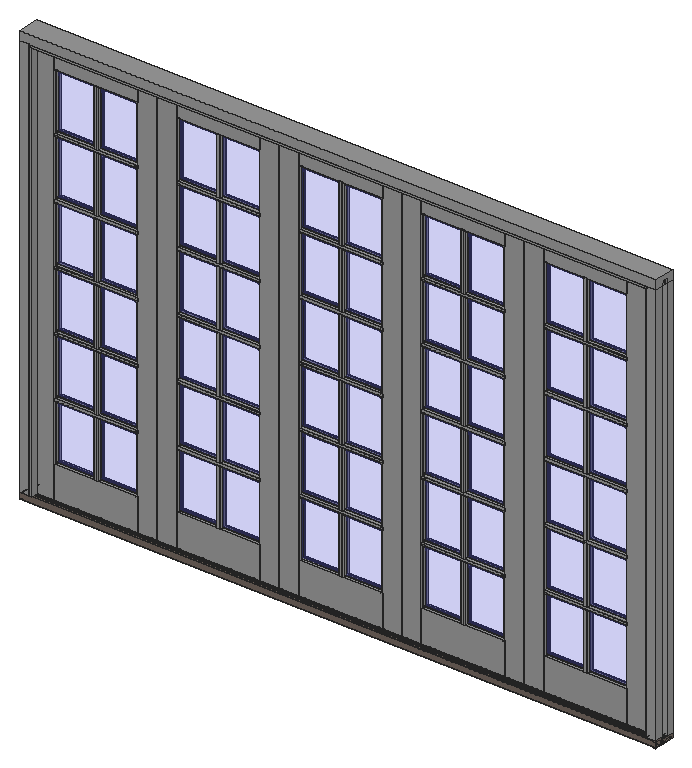
Revit family "VSFA 3180 SP RH", category Doors, host Wall, Revit 2015
Parameters (values of type "VSFA 3180 SP RH")
  Function = Interior
  Frame Projection Ext. = 25 mm
  Frame Projection Int. = 25 mm
  Frame Width = 75 mm
  Height = 2100 mm
  Wall Closure = By host
  Width = 3180 mm
Reference planes
  plane 1: y = 0
  plane 2 "Center (Left/Right)": x = 0
  plane 3 "Left": x = -1590
  plane 4 "Right": x = 1590
  plane 5: z = 2100
  plane 6 "Exterior": y = 75
  plane 7 "Interior": y = -75
  plane 8: x = -1545
  plane 9: x = 1515
  plane 10: x = 1513
  plane 11: x = 903
  plane 12: x = 901
  plane 13: x = 291
  plane 14: x = 289
  plane 15: x = -321
  plane 16: x = -323
  plane 17: x = -933
  plane 18: x = -935
Forms (mm)
  Extrusion 1, solid, material "Aluminium Cill (Bronze)"
    sketch origin (0, 79.18, -119.746) x (0, 1, 0) y (0, 0, -1)
      loop
        arc (-26.68, -120.746) -> (-26.972, -120.039) -> (-27.68, -119.746) r 1
        line (-27.68, -119.746) -> (-130.68, -119.746)
        arc (-130.68, -119.746) -> (-131.387, -120.039) -> (-131.68, -120.746) r 1
        line (-131.68, -120.746) -> (-131.68, -150.746)
        arc (-131.68, -150.746) -> (-131.387, -151.453) -> (-130.68, -151.746) r 1
        line (-130.68, -151.746) -> (-120.912, -151.746)
        arc (-120.912, -151.746) -> (-119.18, -150.746) -> (-117.447, -151.746) r 2
        line (-117.447, -151.746) -> (-112.912, -151.746)
        arc (-112.912, -151.746) -> (-111.18, -150.746) -> (-109.447, -151.746) r 2
        line (-109.447, -151.746) -> (-99.68, -151.746)
        arc (-99.68, -151.746) -> (-98.972, -151.453) -> (-98.68, -150.746) r 1
        line (-98.68, -150.746) -> (-98.68, -149.246)
        arc (-98.68, -149.246) -> (-99.18, -148.746) -> (-99.68, -149.246) r 0.5
        line (-99.68, -149.246) -> (-99.68, -150.246) -> (-100.88, -150.246) -> (-100.88, -142.734) -> (-99.68, -142.734) -> (-99.68, -143.746)
        arc (-99.68, -143.746) -> (-99.18, -144.246) -> (-98.68, -143.746) r 0.5
        line (-98.68, -143.746) -> (-98.68, -138.746) -> (-90.432, -138.746) -> (-82.18, -138.746) -> (-82.18, -135.246)
        arc (-82.18, -135.246) -> (-81.74, -134.185) -> (-80.68, -133.746) r 1.5
        line (-80.68, -133.746) -> (-75.93, -133.746) -> (-75.93, -135.746) -> (-77.363, -135.746)
        arc (-77.363, -135.746) -> (-74.68, -138.746) -> (-71.996, -135.746) r 2.7
        line (-71.996, -135.746) -> (-73.43, -135.746) -> (-73.43, -133.746) -> (-68.68, -133.746)
        arc (-68.68, -133.746) -> (-67.619, -134.185) -> (-67.18, -135.246) r 1.5
        line (-67.18, -135.246) -> (-67.18, -138.746) -> (-60.412, -138.746)
        arc (-60.412, -138.746) -> (-58.68, -137.746) -> (-56.947, -138.746) r 2
        line (-56.947, -138.746) -> (-52.412, -138.746)
        arc (-52.412, -138.746) -> (-50.68, -137.746) -> (-48.947, -138.746) r 2
        line (-48.947, -138.746) -> (-44.412, -138.746)
        arc (-44.412, -138.746) -> (-42.68, -137.746) -> (-40.947, -138.746) r 2
        line (-40.947, -138.746) -> (-29.68, -138.746)
        arc (-29.68, -138.746) -> (-27.558, -137.867) -> (-26.68, -135.746) r 3
        line (-26.68, -135.746) -> (-26.68, -120.746)
      loop
        arc (-29.68, -137.246) -> (-28.619, -136.807) -> (-28.18, -135.746) r 1.5
        line (-28.18, -135.746) -> (-28.18, -121.246) -> (-73.93, -121.246) -> (-73.93, -132.246) -> (-68.68, -132.246)
        arc (-68.68, -132.246) -> (-66.558, -133.125) -> (-65.68, -135.246) r 3
        line (-65.68, -135.246) -> (-65.68, -137.246) -> (-61.129, -137.246)
        arc (-61.129, -137.246) -> (-58.68, -136.246) -> (-56.23, -137.246) r 3.5
        line (-56.23, -137.246) -> (-53.129, -137.246)
        arc (-53.129, -137.246) -> (-50.68, -136.246) -> (-48.23, -137.246) r 3.5
        line (-48.23, -137.246) -> (-45.129, -137.246)
        arc (-45.129, -137.246) -> (-42.68, -136.246) -> (-40.23, -137.246) r 3.5
        line (-40.23, -137.246) -> (-29.68, -137.246)
      loop
        line (-75.43, -132.246) -> (-75.43, -121.246) -> (-98.68, -121.246) -> (-98.68, -137.246) -> (-83.68, -137.246) -> (-83.68, -135.246)
        arc (-83.68, -135.246) -> (-82.801, -133.125) -> (-80.68, -132.246) r 3
        line (-80.68, -132.246) -> (-75.43, -132.246)
      loop
        line (-100.18, -121.246) -> (-130.18, -121.246) -> (-130.18, -150.246) -> (-121.629, -150.246)
        arc (-121.629, -150.246) -> (-119.18, -149.246) -> (-116.73, -150.246) r 3.5
        line (-116.73, -150.246) -> (-113.629, -150.246)
        arc (-113.629, -150.246) -> (-111.18, -149.246) -> (-108.73, -150.246) r 3.5
        line (-108.73, -150.246) -> (-102.38, -150.246) -> (-102.38, -141.246) -> (-100.18, -141.246) -> (-100.18, -121.246)
    from -1590 to 1590
  Extrusion 2, solid, material "Lauan, Meranti"
    sketch origin (-122.148, 0, 0) x (0, 1, 0) y (0, 0, 1)
      loop
        line (52.5, 2100) -> (-52.5, 2100) -> (-52.5, 2055) -> (-6.5, 2055) -> (-6.5, 2075) -> (15.5, 2075) -> (15.5, 2055) -> (52.5, 2055) -> (52.5, 2100)
    from -1467.852 to 1712.148
  Extrusion 3, solid, material "Lauan, Meranti"
    sketch origin (2.986, 0, 0) x (0, 1, 0) y (0, 0, 1)
      loop
        line (-52.5, 2052) -> (-52.5, 2042) -> (-20.5, 2042) -> (-20.5, 2045.5) -> (-27.5, 2045.5) -> (-27.5, 2048.5) -> (-20.5, 2048.5) -> (-20.5, 2055) -> (-49.5, 2055) -> (-49.5, 2052) -> (-52.5, 2052)
    from -1547.986 to 1542.014
  Extrusion 4, solid, material "Lauan, Meranti"
    sketch origin (615, 0, 0) x (1, 0, 0) y (0, 1, 0)
      loop
        line (975, -52.5) -> (975, -16.5) -> (930, -16.5) -> (930, -52.5) -> (975, -52.5)
      loop
        line (975, 52.5) -> (930, 52.5) -> (930, 25.5) -> (975, 25.5) -> (975, 52.5)
      loop
        line (900, 24.5) -> (900, -15.5) -> (945, -15.5) -> (945, -5.5) -> (920, -5.5) -> (920, 14.5) -> (945, 14.5) -> (945, 24.5) -> (900, 24.5)
    from 32 to 2055
  Extrusion 5, solid, material "Lauan, Meranti"
    sketch origin (-615, 0, 0) x (1, 0, 0) y (0, 1, 0)
      loop
        line (-975, 52.5) -> (-975, -52.5) -> (-930, -52.5) -> (-930, 24.5) -> (-942, 24.5) -> (-942, 52.5) -> (-975, 52.5)
    from 32 to 2055
  Extrusion 6, solid, material "Lauan, Meranti"
    sketch origin (-615, 0, 0) x (1, 0, 0) y (0, 1, 0)
      loop
        line (-927, -52.5) -> (-917, -52.5) -> (-917, -20.5) -> (-920.5, -20.5) -> (-920.5, -27.5) -> (-923.5, -27.5) -> (-923.5, -20.5) -> (-930, -20.5) -> (-930, -49.5) -> (-927, -49.5) -> (-927, -52.5)
    from 32 to 2042
  Extrusion 7, solid, material "Steel, Chrome Plated"
    sketch origin (129.456, -1.5, 0) x (0, 1, 0) y (0, 0, -1)
      loop
        line (16.5, -2075) -> (16.5, -2055) -> (14.3, -2055) -> (14.3, -2072.8) -> (-2.3, -2072.8) -> (-2.3, -2055) -> (-4.5, -2055) -> (-4.5, -2075) -> (16.5, -2075)
    from -1460.544 to 1719.456
  Extrusion 8, solid, material "Lauan, Meranti"
    sketch origin (-615, 0, 0) x (1, 0, 0) y (0, 1, 0)
      loop
        line (-975, 52.5) -> (-975, -19.5) -> (-930, -19.5) -> (-930, 24.5) -> (-942, 24.5) -> (-942, 52.5) -> (-975, 52.5)
    from 19 to 32
  Extrusion 9, solid, material "Lauan, Meranti"
    sketch origin (615, 0, 0) x (1, 0, 0) y (0, 1, 0)
      loop
        line (930, 52.5) -> (930, 25.5) -> (975, 25.5) -> (975, 52.5) -> (930, 52.5)
      loop
        line (945, 24.5) -> (900, 24.5) -> (900, -15.5) -> (945, -15.5) -> (945, -5.5) -> (920, -5.5) -> (920, 14.5) -> (945, 14.5) -> (945, 24.5)
    from 19 to 32
  Extrusion 10, solid, material "Lauan, Meranti"
    sketch origin (1833, 0, 0) x (1, 0, 0) y (0, 1, 0)
      loop
        line (-930, -15.5) -> (-834, -15.5) -> (-834, -13.5)
        arc (-834, -13.5) -> (-829.265, -11.94) -> (-827, -7.5) r 6.549
        line (-827, -7.5) -> (-825, -7.5) -> (-825, -5.5) -> (-834, -5.5) -> (-834, 24.5) -> (-930, 24.5) -> (-930, -15.5)
      loop
        line (-320, -15.5) -> (-320, 24.5) -> (-416, 24.5) -> (-416, -5.5) -> (-425, -5.5) -> (-425, -7.5) -> (-423, -7.5)
        arc (-423, -7.5) -> (-420.735, -11.94) -> (-416, -13.5) r 6.549
        line (-416, -13.5) -> (-416, -15.5) -> (-320, -15.5)
    from 19 to 2055
  Extrusion 11, solid, material "Lauan, Meranti"
    sketch origin (1221, 0, 0) x (1, 0, 0) y (0, 1, 0)
      loop
        line (-930, -15.5) -> (-834, -15.5) -> (-834, -13.5)
        arc (-834, -13.5) -> (-829.265, -11.94) -> (-827, -7.5) r 6.549
        line (-827, -7.5) -> (-825, -7.5) -> (-825, -5.5) -> (-834, -5.5) -> (-834, 24.5) -> (-930, 24.5) -> (-930, -15.5)
      loop
        line (-320, -15.5) -> (-320, 24.5) -> (-416, 24.5) -> (-416, -5.5) -> (-425, -5.5) -> (-425, -7.5) -> (-423, -7.5)
        arc (-423, -7.5) -> (-420.735, -11.94) -> (-416, -13.5) r 6.549
        line (-416, -13.5) -> (-416, -15.5) -> (-320, -15.5)
    from 19 to 2055
  Extrusion 12, solid, material "Lauan, Meranti"
    sketch origin (609, 0, 0) x (1, 0, 0) y (0, 1, 0)
      loop
        line (-930, -15.5) -> (-834, -15.5) -> (-834, -13.5)
        arc (-834, -13.5) -> (-829.265, -11.94) -> (-827, -7.5) r 6.549
        line (-827, -7.5) -> (-825, -7.5) -> (-825, -5.5) -> (-834, -5.5) -> (-834, 24.5) -> (-930, 24.5) -> (-930, -15.5)
      loop
        line (-320, -15.5) -> (-320, 24.5) -> (-416, 24.5) -> (-416, -5.5) -> (-425, -5.5) -> (-425, -7.5) -> (-423, -7.5)
        arc (-423, -7.5) -> (-420.735, -11.94) -> (-416, -13.5) r 6.549
        line (-416, -13.5) -> (-416, -15.5) -> (-320, -15.5)
    from 19 to 2055
  Extrusion 13, solid, material "Lauan, Meranti"
    sketch origin (-3, 0, 0) x (1, 0, 0) y (0, 1, 0)
      loop
        line (-930, -15.5) -> (-834, -15.5) -> (-834, -13.5)
        arc (-834, -13.5) -> (-829.265, -11.94) -> (-827, -7.5) r 6.549
        line (-827, -7.5) -> (-825, -7.5) -> (-825, -5.5) -> (-834, -5.5) -> (-834, 24.5) -> (-930, 24.5) -> (-930, -15.5)
      loop
        line (-320, -15.5) -> (-320, 24.5) -> (-416, 24.5) -> (-416, -5.5) -> (-425, -5.5) -> (-425, -7.5) -> (-423, -7.5)
        arc (-423, -7.5) -> (-420.735, -11.94) -> (-416, -13.5) r 6.549
        line (-416, -13.5) -> (-416, -15.5) -> (-320, -15.5)
    from 19 to 2055
  Extrusion 14, solid, material "Lauan, Meranti"
    sketch origin (-615, 0, 0) x (1, 0, 0) y (0, 1, 0)
      loop
        line (-930, -15.5) -> (-834, -15.5) -> (-834, -13.5)
        arc (-834, -13.5) -> (-829.265, -11.94) -> (-827, -7.5) r 6.549
        line (-827, -7.5) -> (-825, -7.5) -> (-825, -5.5) -> (-834, -5.5) -> (-834, 24.5) -> (-930, 24.5) -> (-930, -15.5)
      loop
        line (-320, -15.5) -> (-320, 24.5) -> (-416, 24.5) -> (-416, -5.5) -> (-425, -5.5) -> (-425, -7.5) -> (-423, -7.5)
        arc (-423, -7.5) -> (-420.735, -11.94) -> (-416, -13.5) r 6.549
        line (-416, -13.5) -> (-416, -15.5) -> (-320, -15.5)
    from 19 to 2055
  Extrusion 15, solid, material "Lauan, Meranti"
    sketch origin (-1279.765, 0, 0) x (0, 1, 0) y (0, 0, 1)
      loop
        line (-15.5, 190) -> (-15.5, 19) -> (24.5, 19) -> (24.5, 190) -> (-5.5, 190) -> (-5.5, 199) -> (-7.5, 199) -> (-7.5, 197)
        arc (-7.5, 197) -> (-11.866, 194.67) -> (-13.5, 190) r 6.807
        line (-13.5, 190) -> (-15.5, 190)
      loop
        line (-7.5, 1952) -> (-7.5, 1950) -> (-5.5, 1950) -> (-5.5, 1959) -> (24.5, 1959) -> (24.5, 2055) -> (-15.5, 2055) -> (-15.5, 1959) -> (-13.5, 1959)
        arc (-13.5, 1959) -> (-11.866, 1954.33) -> (-7.5, 1952) r 6.807
      loop
        line (-15.5, 1675) -> (-15.5, 1662) -> (-13.5, 1662)
        arc (-13.5, 1662) -> (-11.866, 1657.33) -> (-7.5, 1655) r 6.807
        line (-7.5, 1655) -> (-7.5, 1653) -> (-5.5, 1653) -> (-5.5, 1662) -> (24.5, 1662) -> (24.5, 1675) -> (-5.5, 1675) -> (-5.5, 1684) -> (-7.5, 1684) -> (-7.5, 1682)
        arc (-7.5, 1682) -> (-11.866, 1679.67) -> (-13.5, 1675) r 6.807
        line (-13.5, 1675) -> (-15.5, 1675)
      loop
        line (-15.5, 1378) -> (-15.5, 1365) -> (-13.5, 1365)
        arc (-13.5, 1365) -> (-11.866, 1360.33) -> (-7.5, 1358) r 6.807
        line (-7.5, 1358) -> (-7.5, 1356) -> (-5.5, 1356) -> (-5.5, 1365) -> (24.5, 1365) -> (24.5, 1378) -> (-5.5, 1378) -> (-5.5, 1387) -> (-7.5, 1387) -> (-7.5, 1385)
        arc (-7.5, 1385) -> (-11.866, 1382.67) -> (-13.5, 1378) r 6.807
        line (-13.5, 1378) -> (-15.5, 1378)
      loop
        line (-15.5, 1081) -> (-15.5, 1068) -> (-13.5, 1068)
        arc (-13.5, 1068) -> (-11.866, 1063.33) -> (-7.5, 1061) r 6.807
        line (-7.5, 1061) -> (-7.5, 1059) -> (-5.5, 1059) -> (-5.5, 1068) -> (24.5, 1068) -> (24.5, 1081) -> (-5.5, 1081) -> (-5.5, 1090) -> (-7.5, 1090) -> (-7.5, 1088)
        arc (-7.5, 1088) -> (-11.866, 1085.67) -> (-13.5, 1081) r 6.807
        line (-13.5, 1081) -> (-15.5, 1081)
      loop
        line (-15.5, 784) -> (-15.5, 771) -> (-13.5, 771)
        arc (-13.5, 771) -> (-11.866, 766.33) -> (-7.5, 764) r 6.807
        line (-7.5, 764) -> (-7.5, 762) -> (-5.5, 762) -> (-5.5, 771) -> (24.5, 771) -> (24.5, 784) -> (-5.5, 784) -> (-5.5, 793) -> (-7.5, 793) -> (-7.5, 791)
        arc (-7.5, 791) -> (-11.866, 788.67) -> (-13.5, 784) r 6.807
        line (-13.5, 784) -> (-15.5, 784)
      loop
        line (-15.5, 487) -> (-15.5, 474) -> (-13.5, 474)
        arc (-13.5, 474) -> (-11.866, 469.33) -> (-7.5, 467) r 6.807
        line (-7.5, 467) -> (-7.5, 465) -> (-5.5, 465) -> (-5.5, 474) -> (24.5, 474) -> (24.5, 487) -> (-5.5, 487) -> (-5.5, 496) -> (-7.5, 496) -> (-7.5, 494)
        arc (-7.5, 494) -> (-11.866, 491.67) -> (-13.5, 487) r 6.807
        line (-13.5, 487) -> (-15.5, 487)
    from -169.235 to 248.765
  Sweep 16, solid, material "Lauan, Meranti"
    path origin (-1572.124, -75, -1252.272) x (1, 0, 0) y (0, 0, 1)
      loop
        line (338.624, 1726.272) -> (338.624, 1442.272) -> (541.124, 1442.272) -> (541.124, 1726.272) -> (338.624, 1726.272)
    profile origin (-1132.25, -75, 474) x (0, 0, 1) y (0, -1, 0)
      loop
        line (-9, -78) -> (-9, -80) -> (-7, -80)
        arc (-7, -80) -> (-4.67, -84.366) -> (0, -86) r 6.807
        line (0, -86) -> (0, -78) -> (-9, -78)
  Extrusion 17, solid, material "Glass"
    sketch origin (-1303.192, -110.55, -763.769) x (1, 0, 0) y (0, 0, 1)
      loop
        line (272.18, 953.779) -> (272.18, 1237.769) -> (69.692, 1237.769) -> (69.692, 953.779) -> (272.18, 953.779)
      loop
        line (56.692, 1237.769) -> (-145.808, 1237.769) -> (-145.808, 953.769) -> (56.692, 953.769) -> (56.692, 1237.769)
      loop
        line (272.18, 1250.779) -> (272.18, 1534.769) -> (69.692, 1534.769) -> (69.692, 1250.779) -> (272.18, 1250.779)
      loop
        line (56.692, 1534.769) -> (-145.808, 1534.769) -> (-145.808, 1250.769) -> (56.692, 1250.769) -> (56.692, 1534.769)
      loop
        line (272.18, 1547.779) -> (272.18, 1831.769) -> (69.692, 1831.769) -> (69.692, 1547.779) -> (272.18, 1547.779)
      loop
        line (56.692, 1831.769) -> (-145.808, 1831.769) -> (-145.808, 1547.769) -> (56.692, 1547.769) -> (56.692, 1831.769)
      loop
        line (272.18, 1844.779) -> (272.18, 2128.769) -> (69.692, 2128.769) -> (69.692, 1844.779) -> (272.18, 1844.779)
      loop
        line (56.692, 2128.769) -> (-145.808, 2128.769) -> (-145.808, 1844.769) -> (56.692, 1844.769) -> (56.692, 2128.769)
      loop
        line (272.18, 2141.779) -> (272.18, 2425.769) -> (69.692, 2425.769) -> (69.692, 2141.779) -> (272.18, 2141.779)
      loop
        line (56.692, 2425.769) -> (-145.808, 2425.769) -> (-145.808, 2141.769) -> (56.692, 2141.769) -> (56.692, 2425.769)
      loop
        line (272.18, 2438.779) -> (272.18, 2722.769) -> (69.692, 2722.769) -> (69.692, 2438.779) -> (272.18, 2438.779)
      loop
        line (56.692, 2722.769) -> (-145.808, 2722.769) -> (-145.808, 2438.769) -> (56.692, 2438.769) -> (56.692, 2722.769)
    from -112.5 to -106.1
  Extrusion 18, solid, material "Lauan, Meranti"
    sketch origin (-1835, 0, 0) x (1, 0, 0) y (0, 1, 0)
      loop
        line (601.5, -15.5) -> (601.5, -13.5)
        arc (601.5, -13.5) -> (606.17, -11.866) -> (608.5, -7.5) r 6.807
        line (608.5, -7.5) -> (610.5, -7.5) -> (610.5, -5.5) -> (601.5, -5.5) -> (601.5, 24.5) -> (588.5, 24.5) -> (588.5, -5.5) -> (579.5, -5.5) -> (579.5, -7.5) -> (581.5, -7.5)
        arc (581.5, -7.5) -> (583.83, -11.866) -> (588.5, -13.5) r 6.807
        line (588.5, -13.5) -> (588.5, -15.5) -> (601.5, -15.5)
    from 190 to 474
  Sweep 19, solid, material "Lauan, Meranti"
    path origin (-1787.612, -75, -1252.272) x (1, 0, 0) y (0, 0, 1)
      loop
        line (338.624, 1726.272) -> (338.624, 1442.272) -> (541.124, 1442.272) -> (541.124, 1726.272) -> (338.624, 1726.272)
    profile origin (-1347.738, -75, 474) x (0, 0, 1) y (0, -1, 0)
      loop
        line (-9, -78) -> (-9, -80) -> (-7, -80)
        arc (-7, -80) -> (-4.67, -84.366) -> (0, -86) r 6.807
        line (0, -86) -> (0, -78) -> (-9, -78)
  Sweep 20, solid, material "Lauan, Meranti"
    path origin (-1572.124, -75, -955.284) x (1, 0, 0) y (0, 0, 1)
      loop
        line (338.624, 1726.272) -> (338.624, 1442.272) -> (541.124, 1442.272) -> (541.124, 1726.272) -> (338.624, 1726.272)
    profile origin (-1132.25, -75, 770.988) x (0, 0, 1) y (0, -1, 0)
      loop
        line (-9, -78) -> (-9, -80) -> (-7, -80)
        arc (-7, -80) -> (-4.67, -84.366) -> (0, -86) r 6.807
        line (0, -86) -> (0, -78) -> (-9, -78)
  Extrusion 21, solid, material "Lauan, Meranti"
    sketch origin (-1835, 0, 296.988) x (1, 0, 0) y (0, 1, 0)
      loop
        line (601.5, -15.5) -> (601.5, -13.5)
        arc (601.5, -13.5) -> (606.17, -11.866) -> (608.5, -7.5) r 6.807
        line (608.5, -7.5) -> (610.5, -7.5) -> (610.5, -5.5) -> (601.5, -5.5) -> (601.5, 24.5) -> (588.5, 24.5) -> (588.5, -5.5) -> (579.5, -5.5) -> (579.5, -7.5) -> (581.5, -7.5)
        arc (581.5, -7.5) -> (583.83, -11.866) -> (588.5, -13.5) r 6.807
        line (588.5, -13.5) -> (588.5, -15.5) -> (601.5, -15.5)
    from 190 to 474
  Sweep 22, solid, material "Lauan, Meranti"
    path origin (-1787.612, -75, -955.284) x (1, 0, 0) y (0, 0, 1)
      loop
        line (338.624, 1726.272) -> (338.624, 1442.272) -> (541.124, 1442.272) -> (541.124, 1726.272) -> (338.624, 1726.272)
    profile origin (-1347.738, -75, 770.988) x (0, 0, 1) y (0, -1, 0)
      loop
        line (-9, -78) -> (-9, -80) -> (-7, -80)
        arc (-7, -80) -> (-4.67, -84.366) -> (0, -86) r 6.807
        line (0, -86) -> (0, -78) -> (-9, -78)
  Sweep 23, solid, material "Lauan, Meranti"
    path origin (-1572.124, -75, -658.284) x (1, 0, 0) y (0, 0, 1)
      loop
        line (338.624, 1726.272) -> (338.624, 1442.272) -> (541.124, 1442.272) -> (541.124, 1726.272) -> (338.624, 1726.272)
    profile origin (-1132.25, -75, 1067.988) x (0, 0, 1) y (0, -1, 0)
      loop
        line (-9, -78) -> (-9, -80) -> (-7, -80)
        arc (-7, -80) -> (-4.67, -84.366) -> (0, -86) r 6.807
        line (0, -86) -> (0, -78) -> (-9, -78)
  Extrusion 24, solid, material "Lauan, Meranti"
    sketch origin (-1835, 0, 593.988) x (1, 0, 0) y (0, 1, 0)
      loop
        line (601.5, -15.5) -> (601.5, -13.5)
        arc (601.5, -13.5) -> (606.17, -11.866) -> (608.5, -7.5) r 6.807
        line (608.5, -7.5) -> (610.5, -7.5) -> (610.5, -5.5) -> (601.5, -5.5) -> (601.5, 24.5) -> (588.5, 24.5) -> (588.5, -5.5) -> (579.5, -5.5) -> (579.5, -7.5) -> (581.5, -7.5)
        arc (581.5, -7.5) -> (583.83, -11.866) -> (588.5, -13.5) r 6.807
        line (588.5, -13.5) -> (588.5, -15.5) -> (601.5, -15.5)
    from 190 to 474
  Sweep 25, solid, material "Lauan, Meranti"
    path origin (-1787.612, -75, -658.284) x (1, 0, 0) y (0, 0, 1)
      loop
        line (338.624, 1726.272) -> (338.624, 1442.272) -> (541.124, 1442.272) -> (541.124, 1726.272) -> (338.624, 1726.272)
    profile origin (-1347.738, -75, 1067.988) x (0, 0, 1) y (0, -1, 0)
      loop
        line (-9, -78) -> (-9, -80) -> (-7, -80)
        arc (-7, -80) -> (-4.67, -84.366) -> (0, -86) r 6.807
        line (0, -86) -> (0, -78) -> (-9, -78)
  Sweep 26, solid, material "Lauan, Meranti"
    path origin (-1572.124, -75, -361.284) x (1, 0, 0) y (0, 0, 1)
      loop
        line (338.624, 1726.272) -> (338.624, 1442.272) -> (541.124, 1442.272) -> (541.124, 1726.272) -> (338.624, 1726.272)
    profile origin (-1132.25, -75, 1364.988) x (0, 0, 1) y (0, -1, 0)
      loop
        line (-9, -78) -> (-9, -80) -> (-7, -80)
        arc (-7, -80) -> (-4.67, -84.366) -> (0, -86) r 6.807
        line (0, -86) -> (0, -78) -> (-9, -78)
  Extrusion 27, solid, material "Lauan, Meranti"
    sketch origin (-1835, 0, 890.988) x (1, 0, 0) y (0, 1, 0)
      loop
        line (601.5, -15.5) -> (601.5, -13.5)
        arc (601.5, -13.5) -> (606.17, -11.866) -> (608.5, -7.5) r 6.807
        line (608.5, -7.5) -> (610.5, -7.5) -> (610.5, -5.5) -> (601.5, -5.5) -> (601.5, 24.5) -> (588.5, 24.5) -> (588.5, -5.5) -> (579.5, -5.5) -> (579.5, -7.5) -> (581.5, -7.5)
        arc (581.5, -7.5) -> (583.83, -11.866) -> (588.5, -13.5) r 6.807
        line (588.5, -13.5) -> (588.5, -15.5) -> (601.5, -15.5)
    from 190 to 474
  Sweep 28, solid, material "Lauan, Meranti"
    path origin (-1787.612, -75, -361.284) x (1, 0, 0) y (0, 0, 1)
      loop
        line (338.624, 1726.272) -> (338.624, 1442.272) -> (541.124, 1442.272) -> (541.124, 1726.272) -> (338.624, 1726.272)
    profile origin (-1347.738, -75, 1364.988) x (0, 0, 1) y (0, -1, 0)
      loop
        line (-9, -78) -> (-9, -80) -> (-7, -80)
        arc (-7, -80) -> (-4.67, -84.366) -> (0, -86) r 6.807
        line (0, -86) -> (0, -78) -> (-9, -78)
  Sweep 29, solid, material "Lauan, Meranti"
    path origin (-1572.124, -75, -64.284) x (1, 0, 0) y (0, 0, 1)
      loop
        line (338.624, 1726.272) -> (338.624, 1442.272) -> (541.124, 1442.272) -> (541.124, 1726.272) -> (338.624, 1726.272)
    profile origin (-1132.25, -75, 1661.988) x (0, 0, 1) y (0, -1, 0)
      loop
        line (-9, -78) -> (-9, -80) -> (-7, -80)
        arc (-7, -80) -> (-4.67, -84.366) -> (0, -86) r 6.807
        line (0, -86) -> (0, -78) -> (-9, -78)
  Extrusion 30, solid, material "Lauan, Meranti"
    sketch origin (-1835, 0, 1187.988) x (1, 0, 0) y (0, 1, 0)
      loop
        line (601.5, -15.5) -> (601.5, -13.5)
        arc (601.5, -13.5) -> (606.17, -11.866) -> (608.5, -7.5) r 6.807
        line (608.5, -7.5) -> (610.5, -7.5) -> (610.5, -5.5) -> (601.5, -5.5) -> (601.5, 24.5) -> (588.5, 24.5) -> (588.5, -5.5) -> (579.5, -5.5) -> (579.5, -7.5) -> (581.5, -7.5)
        arc (581.5, -7.5) -> (583.83, -11.866) -> (588.5, -13.5) r 6.807
        line (588.5, -13.5) -> (588.5, -15.5) -> (601.5, -15.5)
    from 190 to 474
  Sweep 31, solid, material "Lauan, Meranti"
    path origin (-1787.612, -75, -64.284) x (1, 0, 0) y (0, 0, 1)
      loop
        line (338.624, 1726.272) -> (338.624, 1442.272) -> (541.124, 1442.272) -> (541.124, 1726.272) -> (338.624, 1726.272)
    profile origin (-1347.738, -75, 1661.988) x (0, 0, 1) y (0, -1, 0)
      loop
        line (-9, -78) -> (-9, -80) -> (-7, -80)
        arc (-7, -80) -> (-4.67, -84.366) -> (0, -86) r 6.807
        line (0, -86) -> (0, -78) -> (-9, -78)
  Sweep 32, solid, material "Lauan, Meranti"
    path origin (-1572.124, -75, 232.716) x (1, 0, 0) y (0, 0, 1)
      loop
        line (338.624, 1726.272) -> (338.624, 1442.272) -> (541.124, 1442.272) -> (541.124, 1726.272) -> (338.624, 1726.272)
    profile origin (-1132.25, -75, 1958.988) x (0, 0, 1) y (0, -1, 0)
      loop
        line (-9, -78) -> (-9, -80) -> (-7, -80)
        arc (-7, -80) -> (-4.67, -84.366) -> (0, -86) r 6.807
        line (0, -86) -> (0, -78) -> (-9, -78)
  Extrusion 33, solid, material "Lauan, Meranti"
    sketch origin (-1835, 0, 1484.988) x (1, 0, 0) y (0, 1, 0)
      loop
        line (601.5, -15.5) -> (601.5, -13.5)
        arc (601.5, -13.5) -> (606.17, -11.866) -> (608.5, -7.5) r 6.807
        line (608.5, -7.5) -> (610.5, -7.5) -> (610.5, -5.5) -> (601.5, -5.5) -> (601.5, 24.5) -> (588.5, 24.5) -> (588.5, -5.5) -> (579.5, -5.5) -> (579.5, -7.5) -> (581.5, -7.5)
        arc (581.5, -7.5) -> (583.83, -11.866) -> (588.5, -13.5) r 6.807
        line (588.5, -13.5) -> (588.5, -15.5) -> (601.5, -15.5)
    from 190 to 474
  Sweep 34, solid, material "Lauan, Meranti"
    path origin (-1787.612, -75, 232.716) x (1, 0, 0) y (0, 0, 1)
      loop
        line (338.624, 1726.272) -> (338.624, 1442.272) -> (541.124, 1442.272) -> (541.124, 1726.272) -> (338.624, 1726.272)
    profile origin (-1347.738, -75, 1958.988) x (0, 0, 1) y (0, -1, 0)
      loop
        line (-9, -78) -> (-9, -80) -> (-7, -80)
        arc (-7, -80) -> (-4.67, -84.366) -> (0, -86) r 6.807
        line (0, -86) -> (0, -78) -> (-9, -78)
  Extrusion 35, solid, material "Lauan, Meranti"
    sketch origin (-667.765, 0, 0) x (0, 1, 0) y (0, 0, 1)
      loop
        line (-15.5, 190) -> (-15.5, 19) -> (24.5, 19) -> (24.5, 190) -> (-5.5, 190) -> (-5.5, 199) -> (-7.5, 199) -> (-7.5, 197)
        arc (-7.5, 197) -> (-11.866, 194.67) -> (-13.5, 190) r 6.807
        line (-13.5, 190) -> (-15.5, 190)
      loop
        line (-7.5, 1952) -> (-7.5, 1950) -> (-5.5, 1950) -> (-5.5, 1959) -> (24.5, 1959) -> (24.5, 2055) -> (-15.5, 2055) -> (-15.5, 1959) -> (-13.5, 1959)
        arc (-13.5, 1959) -> (-11.866, 1954.33) -> (-7.5, 1952) r 6.807
      loop
        line (-15.5, 1675) -> (-15.5, 1662) -> (-13.5, 1662)
        arc (-13.5, 1662) -> (-11.866, 1657.33) -> (-7.5, 1655) r 6.807
        line (-7.5, 1655) -> (-7.5, 1653) -> (-5.5, 1653) -> (-5.5, 1662) -> (24.5, 1662) -> (24.5, 1675) -> (-5.5, 1675) -> (-5.5, 1684) -> (-7.5, 1684) -> (-7.5, 1682)
        arc (-7.5, 1682) -> (-11.866, 1679.67) -> (-13.5, 1675) r 6.807
        line (-13.5, 1675) -> (-15.5, 1675)
      loop
        line (-15.5, 1378) -> (-15.5, 1365) -> (-13.5, 1365)
        arc (-13.5, 1365) -> (-11.866, 1360.33) -> (-7.5, 1358) r 6.807
        line (-7.5, 1358) -> (-7.5, 1356) -> (-5.5, 1356) -> (-5.5, 1365) -> (24.5, 1365) -> (24.5, 1378) -> (-5.5, 1378) -> (-5.5, 1387) -> (-7.5, 1387) -> (-7.5, 1385)
        arc (-7.5, 1385) -> (-11.866, 1382.67) -> (-13.5, 1378) r 6.807
        line (-13.5, 1378) -> (-15.5, 1378)
      loop
        line (-15.5, 1081) -> (-15.5, 1068) -> (-13.5, 1068)
        arc (-13.5, 1068) -> (-11.866, 1063.33) -> (-7.5, 1061) r 6.807
        line (-7.5, 1061) -> (-7.5, 1059) -> (-5.5, 1059) -> (-5.5, 1068) -> (24.5, 1068) -> (24.5, 1081) -> (-5.5, 1081) -> (-5.5, 1090) -> (-7.5, 1090) -> (-7.5, 1088)
        arc (-7.5, 1088) -> (-11.866, 1085.67) -> (-13.5, 1081) r 6.807
        line (-13.5, 1081) -> (-15.5, 1081)
      loop
        line (-15.5, 784) -> (-15.5, 771) -> (-13.5, 771)
        arc (-13.5, 771) -> (-11.866, 766.33) -> (-7.5, 764) r 6.807
        line (-7.5, 764) -> (-7.5, 762) -> (-5.5, 762) -> (-5.5, 771) -> (24.5, 771) -> (24.5, 784) -> (-5.5, 784) -> (-5.5, 793) -> (-7.5, 793) -> (-7.5, 791)
        arc (-7.5, 791) -> (-11.866, 788.67) -> (-13.5, 784) r 6.807
        line (-13.5, 784) -> (-15.5, 784)
      loop
        line (-15.5, 487) -> (-15.5, 474) -> (-13.5, 474)
        arc (-13.5, 474) -> (-11.866, 469.33) -> (-7.5, 467) r 6.807
        line (-7.5, 467) -> (-7.5, 465) -> (-5.5, 465) -> (-5.5, 474) -> (24.5, 474) -> (24.5, 487) -> (-5.5, 487) -> (-5.5, 496) -> (-7.5, 496) -> (-7.5, 494)
        arc (-7.5, 494) -> (-11.866, 491.67) -> (-13.5, 487) r 6.807
        line (-13.5, 487) -> (-15.5, 487)
    from -169.235 to 248.765
  Sweep 36, solid, material "Lauan, Meranti"
    path origin (-960.124, -75, -1252.272) x (1, 0, 0) y (0, 0, 1)
      loop
        line (338.624, 1726.272) -> (338.624, 1442.272) -> (541.124, 1442.272) -> (541.124, 1726.272) -> (338.624, 1726.272)
    profile origin (-520.25, -75, 474) x (0, 0, 1) y (0, -1, 0)
      loop
        line (-9, -78) -> (-9, -80) -> (-7, -80)
        arc (-7, -80) -> (-4.67, -84.366) -> (0, -86) r 6.807
        line (0, -86) -> (0, -78) -> (-9, -78)
  Extrusion 37, solid, material "Glass"
    sketch origin (-691.192, -110.55, -763.769) x (1, 0, 0) y (0, 0, 1)
      loop
        line (272.18, 953.779) -> (272.18, 1237.769) -> (69.692, 1237.769) -> (69.692, 953.779) -> (272.18, 953.779)
      loop
        line (56.692, 1237.769) -> (-145.808, 1237.769) -> (-145.808, 953.769) -> (56.692, 953.769) -> (56.692, 1237.769)
      loop
        line (272.18, 1250.779) -> (272.18, 1534.769) -> (69.692, 1534.769) -> (69.692, 1250.779) -> (272.18, 1250.779)
      loop
        line (56.692, 1534.769) -> (-145.808, 1534.769) -> (-145.808, 1250.769) -> (56.692, 1250.769) -> (56.692, 1534.769)
      loop
        line (272.18, 1547.779) -> (272.18, 1831.769) -> (69.692, 1831.769) -> (69.692, 1547.779) -> (272.18, 1547.779)
      loop
        line (56.692, 1831.769) -> (-145.808, 1831.769) -> (-145.808, 1547.769) -> (56.692, 1547.769) -> (56.692, 1831.769)
      loop
        line (272.18, 1844.779) -> (272.18, 2128.769) -> (69.692, 2128.769) -> (69.692, 1844.779) -> (272.18, 1844.779)
      loop
        line (56.692, 2128.769) -> (-145.808, 2128.769) -> (-145.808, 1844.769) -> (56.692, 1844.769) -> (56.692, 2128.769)
      loop
        line (272.18, 2141.779) -> (272.18, 2425.769) -> (69.692, 2425.769) -> (69.692, 2141.779) -> (272.18, 2141.779)
      loop
        line (56.692, 2425.769) -> (-145.808, 2425.769) -> (-145.808, 2141.769) -> (56.692, 2141.769) -> (56.692, 2425.769)
      loop
        line (272.18, 2438.779) -> (272.18, 2722.769) -> (69.692, 2722.769) -> (69.692, 2438.779) -> (272.18, 2438.779)
      loop
        line (56.692, 2722.769) -> (-145.808, 2722.769) -> (-145.808, 2438.769) -> (56.692, 2438.769) -> (56.692, 2722.769)
    from -112.5 to -106.1
  Extrusion 38, solid, material "Lauan, Meranti"
    sketch origin (-1223, 0, 0) x (1, 0, 0) y (0, 1, 0)
      loop
        line (601.5, -15.5) -> (601.5, -13.5)
        arc (601.5, -13.5) -> (606.17, -11.866) -> (608.5, -7.5) r 6.807
        line (608.5, -7.5) -> (610.5, -7.5) -> (610.5, -5.5) -> (601.5, -5.5) -> (601.5, 24.5) -> (588.5, 24.5) -> (588.5, -5.5) -> (579.5, -5.5) -> (579.5, -7.5) -> (581.5, -7.5)
        arc (581.5, -7.5) -> (583.83, -11.866) -> (588.5, -13.5) r 6.807
        line (588.5, -13.5) -> (588.5, -15.5) -> (601.5, -15.5)
    from 190 to 474
  Sweep 39, solid, material "Lauan, Meranti"
    path origin (-1175.612, -75, -1252.272) x (1, 0, 0) y (0, 0, 1)
      loop
        line (338.624, 1726.272) -> (338.624, 1442.272) -> (541.124, 1442.272) -> (541.124, 1726.272) -> (338.624, 1726.272)
    profile origin (-735.738, -75, 474) x (0, 0, 1) y (0, -1, 0)
      loop
        line (-9, -78) -> (-9, -80) -> (-7, -80)
        arc (-7, -80) -> (-4.67, -84.366) -> (0, -86) r 6.807
        line (0, -86) -> (0, -78) -> (-9, -78)
  Sweep 40, solid, material "Lauan, Meranti"
    path origin (-960.124, -75, -955.284) x (1, 0, 0) y (0, 0, 1)
      loop
        line (338.624, 1726.272) -> (338.624, 1442.272) -> (541.124, 1442.272) -> (541.124, 1726.272) -> (338.624, 1726.272)
    profile origin (-520.25, -75, 770.988) x (0, 0, 1) y (0, -1, 0)
      loop
        line (-9, -78) -> (-9, -80) -> (-7, -80)
        arc (-7, -80) -> (-4.67, -84.366) -> (0, -86) r 6.807
        line (0, -86) -> (0, -78) -> (-9, -78)
  Extrusion 41, solid, material "Lauan, Meranti"
    sketch origin (-1223, 0, 296.988) x (1, 0, 0) y (0, 1, 0)
      loop
        line (601.5, -15.5) -> (601.5, -13.5)
        arc (601.5, -13.5) -> (606.17, -11.866) -> (608.5, -7.5) r 6.807
        line (608.5, -7.5) -> (610.5, -7.5) -> (610.5, -5.5) -> (601.5, -5.5) -> (601.5, 24.5) -> (588.5, 24.5) -> (588.5, -5.5) -> (579.5, -5.5) -> (579.5, -7.5) -> (581.5, -7.5)
        arc (581.5, -7.5) -> (583.83, -11.866) -> (588.5, -13.5) r 6.807
        line (588.5, -13.5) -> (588.5, -15.5) -> (601.5, -15.5)
    from 190 to 474
  Sweep 42, solid, material "Lauan, Meranti"
    path origin (-1175.612, -75, -955.284) x (1, 0, 0) y (0, 0, 1)
      loop
        line (338.624, 1726.272) -> (338.624, 1442.272) -> (541.124, 1442.272) -> (541.124, 1726.272) -> (338.624, 1726.272)
    profile origin (-735.738, -75, 770.988) x (0, 0, 1) y (0, -1, 0)
      loop
        line (-9, -78) -> (-9, -80) -> (-7, -80)
        arc (-7, -80) -> (-4.67, -84.366) -> (0, -86) r 6.807
        line (0, -86) -> (0, -78) -> (-9, -78)
  Sweep 43, solid, material "Lauan, Meranti"
    path origin (-960.124, -75, -658.284) x (1, 0, 0) y (0, 0, 1)
      loop
        line (338.624, 1726.272) -> (338.624, 1442.272) -> (541.124, 1442.272) -> (541.124, 1726.272) -> (338.624, 1726.272)
    profile origin (-520.25, -75, 1067.988) x (0, 0, 1) y (0, -1, 0)
      loop
        line (-9, -78) -> (-9, -80) -> (-7, -80)
        arc (-7, -80) -> (-4.67, -84.366) -> (0, -86) r 6.807
        line (0, -86) -> (0, -78) -> (-9, -78)
  Extrusion 44, solid, material "Lauan, Meranti"
    sketch origin (-1223, 0, 593.988) x (1, 0, 0) y (0, 1, 0)
      loop
        line (601.5, -15.5) -> (601.5, -13.5)
        arc (601.5, -13.5) -> (606.17, -11.866) -> (608.5, -7.5) r 6.807
        line (608.5, -7.5) -> (610.5, -7.5) -> (610.5, -5.5) -> (601.5, -5.5) -> (601.5, 24.5) -> (588.5, 24.5) -> (588.5, -5.5) -> (579.5, -5.5) -> (579.5, -7.5) -> (581.5, -7.5)
        arc (581.5, -7.5) -> (583.83, -11.866) -> (588.5, -13.5) r 6.807
        line (588.5, -13.5) -> (588.5, -15.5) -> (601.5, -15.5)
    from 190 to 474
  Sweep 45, solid, material "Lauan, Meranti"
    path origin (-1175.612, -75, -658.284) x (1, 0, 0) y (0, 0, 1)
      loop
        line (338.624, 1726.272) -> (338.624, 1442.272) -> (541.124, 1442.272) -> (541.124, 1726.272) -> (338.624, 1726.272)
    profile origin (-735.738, -75, 1067.988) x (0, 0, 1) y (0, -1, 0)
      loop
        line (-9, -78) -> (-9, -80) -> (-7, -80)
        arc (-7, -80) -> (-4.67, -84.366) -> (0, -86) r 6.807
        line (0, -86) -> (0, -78) -> (-9, -78)
  Sweep 46, solid, material "Lauan, Meranti"
    path origin (-960.124, -75, -361.284) x (1, 0, 0) y (0, 0, 1)
      loop
        line (338.624, 1726.272) -> (338.624, 1442.272) -> (541.124, 1442.272) -> (541.124, 1726.272) -> (338.624, 1726.272)
    profile origin (-520.25, -75, 1364.988) x (0, 0, 1) y (0, -1, 0)
      loop
        line (-9, -78) -> (-9, -80) -> (-7, -80)
        arc (-7, -80) -> (-4.67, -84.366) -> (0, -86) r 6.807
        line (0, -86) -> (0, -78) -> (-9, -78)
  Extrusion 47, solid, material "Lauan, Meranti"
    sketch origin (-1223, 0, 890.988) x (1, 0, 0) y (0, 1, 0)
      loop
        line (601.5, -15.5) -> (601.5, -13.5)
        arc (601.5, -13.5) -> (606.17, -11.866) -> (608.5, -7.5) r 6.807
        line (608.5, -7.5) -> (610.5, -7.5) -> (610.5, -5.5) -> (601.5, -5.5) -> (601.5, 24.5) -> (588.5, 24.5) -> (588.5, -5.5) -> (579.5, -5.5) -> (579.5, -7.5) -> (581.5, -7.5)
        arc (581.5, -7.5) -> (583.83, -11.866) -> (588.5, -13.5) r 6.807
        line (588.5, -13.5) -> (588.5, -15.5) -> (601.5, -15.5)
    from 190 to 474
  Sweep 48, solid, material "Lauan, Meranti"
    path origin (-1175.612, -75, -361.284) x (1, 0, 0) y (0, 0, 1)
      loop
        line (338.624, 1726.272) -> (338.624, 1442.272) -> (541.124, 1442.272) -> (541.124, 1726.272) -> (338.624, 1726.272)
    profile origin (-735.738, -75, 1364.988) x (0, 0, 1) y (0, -1, 0)
      loop
        line (-9, -78) -> (-9, -80) -> (-7, -80)
        arc (-7, -80) -> (-4.67, -84.366) -> (0, -86) r 6.807
        line (0, -86) -> (0, -78) -> (-9, -78)
  Sweep 49, solid, material "Lauan, Meranti"
    path origin (-960.124, -75, -64.284) x (1, 0, 0) y (0, 0, 1)
      loop
        line (338.624, 1726.272) -> (338.624, 1442.272) -> (541.124, 1442.272) -> (541.124, 1726.272) -> (338.624, 1726.272)
    profile origin (-520.25, -75, 1661.988) x (0, 0, 1) y (0, -1, 0)
      loop
        line (-9, -78) -> (-9, -80) -> (-7, -80)
        arc (-7, -80) -> (-4.67, -84.366) -> (0, -86) r 6.807
        line (0, -86) -> (0, -78) -> (-9, -78)
  Extrusion 50, solid, material "Lauan, Meranti"
    sketch origin (-1223, 0, 1187.988) x (1, 0, 0) y (0, 1, 0)
      loop
        line (601.5, -15.5) -> (601.5, -13.5)
        arc (601.5, -13.5) -> (606.17, -11.866) -> (608.5, -7.5) r 6.807
        line (608.5, -7.5) -> (610.5, -7.5) -> (610.5, -5.5) -> (601.5, -5.5) -> (601.5, 24.5) -> (588.5, 24.5) -> (588.5, -5.5) -> (579.5, -5.5) -> (579.5, -7.5) -> (581.5, -7.5)
        arc (581.5, -7.5) -> (583.83, -11.866) -> (588.5, -13.5) r 6.807
        line (588.5, -13.5) -> (588.5, -15.5) -> (601.5, -15.5)
    from 190 to 474
  Sweep 51, solid, material "Lauan, Meranti"
    path origin (-1175.612, -75, -64.284) x (1, 0, 0) y (0, 0, 1)
      loop
        line (338.624, 1726.272) -> (338.624, 1442.272) -> (541.124, 1442.272) -> (541.124, 1726.272) -> (338.624, 1726.272)
    profile origin (-735.738, -75, 1661.988) x (0, 0, 1) y (0, -1, 0)
      loop
        line (-9, -78) -> (-9, -80) -> (-7, -80)
        arc (-7, -80) -> (-4.67, -84.366) -> (0, -86) r 6.807
        line (0, -86) -> (0, -78) -> (-9, -78)
  Sweep 52, solid, material "Lauan, Meranti"
    path origin (-960.124, -75, 232.716) x (1, 0, 0) y (0, 0, 1)
      loop
        line (338.624, 1726.272) -> (338.624, 1442.272) -> (541.124, 1442.272) -> (541.124, 1726.272) -> (338.624, 1726.272)
    profile origin (-520.25, -75, 1958.988) x (0, 0, 1) y (0, -1, 0)
      loop
        line (-9, -78) -> (-9, -80) -> (-7, -80)
        arc (-7, -80) -> (-4.67, -84.366) -> (0, -86) r 6.807
        line (0, -86) -> (0, -78) -> (-9, -78)
  Extrusion 53, solid, material "Lauan, Meranti"
    sketch origin (-1223, 0, 1484.988) x (1, 0, 0) y (0, 1, 0)
      loop
        line (601.5, -15.5) -> (601.5, -13.5)
        arc (601.5, -13.5) -> (606.17, -11.866) -> (608.5, -7.5) r 6.807
        line (608.5, -7.5) -> (610.5, -7.5) -> (610.5, -5.5) -> (601.5, -5.5) -> (601.5, 24.5) -> (588.5, 24.5) -> (588.5, -5.5) -> (579.5, -5.5) -> (579.5, -7.5) -> (581.5, -7.5)
        arc (581.5, -7.5) -> (583.83, -11.866) -> (588.5, -13.5) r 6.807
        line (588.5, -13.5) -> (588.5, -15.5) -> (601.5, -15.5)
    from 190 to 474
  Sweep 54, solid, material "Lauan, Meranti"
    path origin (-1175.612, -75, 232.716) x (1, 0, 0) y (0, 0, 1)
      loop
        line (338.624, 1726.272) -> (338.624, 1442.272) -> (541.124, 1442.272) -> (541.124, 1726.272) -> (338.624, 1726.272)
    profile origin (-735.738, -75, 1958.988) x (0, 0, 1) y (0, -1, 0)
      loop
        line (-9, -78) -> (-9, -80) -> (-7, -80)
        arc (-7, -80) -> (-4.67, -84.366) -> (0, -86) r 6.807
        line (0, -86) -> (0, -78) -> (-9, -78)
  Extrusion 55, solid, material "Lauan, Meranti"
    sketch origin (-55.765, 0, 0) x (0, 1, 0) y (0, 0, 1)
      loop
        line (-15.5, 190) -> (-15.5, 19) -> (24.5, 19) -> (24.5, 190) -> (-5.5, 190) -> (-5.5, 199) -> (-7.5, 199) -> (-7.5, 197)
        arc (-7.5, 197) -> (-11.866, 194.67) -> (-13.5, 190) r 6.807
        line (-13.5, 190) -> (-15.5, 190)
      loop
        line (-7.5, 1952) -> (-7.5, 1950) -> (-5.5, 1950) -> (-5.5, 1959) -> (24.5, 1959) -> (24.5, 2055) -> (-15.5, 2055) -> (-15.5, 1959) -> (-13.5, 1959)
        arc (-13.5, 1959) -> (-11.866, 1954.33) -> (-7.5, 1952) r 6.807
      loop
        line (-15.5, 1675) -> (-15.5, 1662) -> (-13.5, 1662)
        arc (-13.5, 1662) -> (-11.866, 1657.33) -> (-7.5, 1655) r 6.807
        line (-7.5, 1655) -> (-7.5, 1653) -> (-5.5, 1653) -> (-5.5, 1662) -> (24.5, 1662) -> (24.5, 1675) -> (-5.5, 1675) -> (-5.5, 1684) -> (-7.5, 1684) -> (-7.5, 1682)
        arc (-7.5, 1682) -> (-11.866, 1679.67) -> (-13.5, 1675) r 6.807
        line (-13.5, 1675) -> (-15.5, 1675)
      loop
        line (-15.5, 1378) -> (-15.5, 1365) -> (-13.5, 1365)
        arc (-13.5, 1365) -> (-11.866, 1360.33) -> (-7.5, 1358) r 6.807
        line (-7.5, 1358) -> (-7.5, 1356) -> (-5.5, 1356) -> (-5.5, 1365) -> (24.5, 1365) -> (24.5, 1378) -> (-5.5, 1378) -> (-5.5, 1387) -> (-7.5, 1387) -> (-7.5, 1385)
        arc (-7.5, 1385) -> (-11.866, 1382.67) -> (-13.5, 1378) r 6.807
        line (-13.5, 1378) -> (-15.5, 1378)
      loop
        line (-15.5, 1081) -> (-15.5, 1068) -> (-13.5, 1068)
        arc (-13.5, 1068) -> (-11.866, 1063.33) -> (-7.5, 1061) r 6.807
        line (-7.5, 1061) -> (-7.5, 1059) -> (-5.5, 1059) -> (-5.5, 1068) -> (24.5, 1068) -> (24.5, 1081) -> (-5.5, 1081) -> (-5.5, 1090) -> (-7.5, 1090) -> (-7.5, 1088)
        arc (-7.5, 1088) -> (-11.866, 1085.67) -> (-13.5, 1081) r 6.807
        line (-13.5, 1081) -> (-15.5, 1081)
      loop
        line (-15.5, 784) -> (-15.5, 771) -> (-13.5, 771)
        arc (-13.5, 771) -> (-11.866, 766.33) -> (-7.5, 764) r 6.807
        line (-7.5, 764) -> (-7.5, 762) -> (-5.5, 762) -> (-5.5, 771) -> (24.5, 771) -> (24.5, 784) -> (-5.5, 784) -> (-5.5, 793) -> (-7.5, 793) -> (-7.5, 791)
        arc (-7.5, 791) -> (-11.866, 788.67) -> (-13.5, 784) r 6.807
        line (-13.5, 784) -> (-15.5, 784)
      loop
        line (-15.5, 487) -> (-15.5, 474) -> (-13.5, 474)
        arc (-13.5, 474) -> (-11.866, 469.33) -> (-7.5, 467) r 6.807
        line (-7.5, 467) -> (-7.5, 465) -> (-5.5, 465) -> (-5.5, 474) -> (24.5, 474) -> (24.5, 487) -> (-5.5, 487) -> (-5.5, 496) -> (-7.5, 496) -> (-7.5, 494)
        arc (-7.5, 494) -> (-11.866, 491.67) -> (-13.5, 487) r 6.807
        line (-13.5, 487) -> (-15.5, 487)
    from -169.235 to 248.765
  Sweep 56, solid, material "Lauan, Meranti"
    path origin (-348.124, -75, -1252.272) x (1, 0, 0) y (0, 0, 1)
      loop
        line (338.624, 1726.272) -> (338.624, 1442.272) -> (541.124, 1442.272) -> (541.124, 1726.272) -> (338.624, 1726.272)
    profile origin (91.75, -75, 474) x (0, 0, 1) y (0, -1, 0)
      loop
        line (-9, -78) -> (-9, -80) -> (-7, -80)
        arc (-7, -80) -> (-4.67, -84.366) -> (0, -86) r 6.807
        line (0, -86) -> (0, -78) -> (-9, -78)
  Extrusion 57, solid, material "Glass"
    sketch origin (-79.192, -110.55, -763.769) x (1, 0, 0) y (0, 0, 1)
      loop
        line (272.18, 953.779) -> (272.18, 1237.769) -> (69.692, 1237.769) -> (69.692, 953.779) -> (272.18, 953.779)
      loop
        line (56.692, 1237.769) -> (-145.808, 1237.769) -> (-145.808, 953.769) -> (56.692, 953.769) -> (56.692, 1237.769)
      loop
        line (272.18, 1250.779) -> (272.18, 1534.769) -> (69.692, 1534.769) -> (69.692, 1250.779) -> (272.18, 1250.779)
      loop
        line (56.692, 1534.769) -> (-145.808, 1534.769) -> (-145.808, 1250.769) -> (56.692, 1250.769) -> (56.692, 1534.769)
      loop
        line (272.18, 1547.779) -> (272.18, 1831.769) -> (69.692, 1831.769) -> (69.692, 1547.779) -> (272.18, 1547.779)
      loop
        line (56.692, 1831.769) -> (-145.808, 1831.769) -> (-145.808, 1547.769) -> (56.692, 1547.769) -> (56.692, 1831.769)
      loop
        line (272.18, 1844.779) -> (272.18, 2128.769) -> (69.692, 2128.769) -> (69.692, 1844.779) -> (272.18, 1844.779)
      loop
        line (56.692, 2128.769) -> (-145.808, 2128.769) -> (-145.808, 1844.769) -> (56.692, 1844.769) -> (56.692, 2128.769)
      loop
        line (272.18, 2141.779) -> (272.18, 2425.769) -> (69.692, 2425.769) -> (69.692, 2141.779) -> (272.18, 2141.779)
      loop
        line (56.692, 2425.769) -> (-145.808, 2425.769) -> (-145.808, 2141.769) -> (56.692, 2141.769) -> (56.692, 2425.769)
      loop
        line (272.18, 2438.779) -> (272.18, 2722.769) -> (69.692, 2722.769) -> (69.692, 2438.779) -> (272.18, 2438.779)
      loop
        line (56.692, 2722.769) -> (-145.808, 2722.769) -> (-145.808, 2438.769) -> (56.692, 2438.769) -> (56.692, 2722.769)
    from -112.5 to -106.1
  Extrusion 58, solid, material "Lauan, Meranti"
    sketch origin (-611, 0, 0) x (1, 0, 0) y (0, 1, 0)
      loop
        line (601.5, -15.5) -> (601.5, -13.5)
        arc (601.5, -13.5) -> (606.17, -11.866) -> (608.5, -7.5) r 6.807
        line (608.5, -7.5) -> (610.5, -7.5) -> (610.5, -5.5) -> (601.5, -5.5) -> (601.5, 24.5) -> (588.5, 24.5) -> (588.5, -5.5) -> (579.5, -5.5) -> (579.5, -7.5) -> (581.5, -7.5)
        arc (581.5, -7.5) -> (583.83, -11.866) -> (588.5, -13.5) r 6.807
        line (588.5, -13.5) -> (588.5, -15.5) -> (601.5, -15.5)
    from 190 to 474
  Sweep 59, solid, material "Lauan, Meranti"
    path origin (-563.612, -75, -1252.272) x (1, 0, 0) y (0, 0, 1)
      loop
        line (338.624, 1726.272) -> (338.624, 1442.272) -> (541.124, 1442.272) -> (541.124, 1726.272) -> (338.624, 1726.272)
    profile origin (-123.738, -75, 474) x (0, 0, 1) y (0, -1, 0)
      loop
        line (-9, -78) -> (-9, -80) -> (-7, -80)
        arc (-7, -80) -> (-4.67, -84.366) -> (0, -86) r 6.807
        line (0, -86) -> (0, -78) -> (-9, -78)
  Sweep 60, solid, material "Lauan, Meranti"
    path origin (-348.124, -75, -955.284) x (1, 0, 0) y (0, 0, 1)
      loop
        line (338.624, 1726.272) -> (338.624, 1442.272) -> (541.124, 1442.272) -> (541.124, 1726.272) -> (338.624, 1726.272)
    profile origin (91.75, -75, 770.988) x (0, 0, 1) y (0, -1, 0)
      loop
        line (-9, -78) -> (-9, -80) -> (-7, -80)
        arc (-7, -80) -> (-4.67, -84.366) -> (0, -86) r 6.807
        line (0, -86) -> (0, -78) -> (-9, -78)
  Extrusion 61, solid, material "Lauan, Meranti"
    sketch origin (-611, 0, 296.988) x (1, 0, 0) y (0, 1, 0)
      loop
        line (601.5, -15.5) -> (601.5, -13.5)
        arc (601.5, -13.5) -> (606.17, -11.866) -> (608.5, -7.5) r 6.807
        line (608.5, -7.5) -> (610.5, -7.5) -> (610.5, -5.5) -> (601.5, -5.5) -> (601.5, 24.5) -> (588.5, 24.5) -> (588.5, -5.5) -> (579.5, -5.5) -> (579.5, -7.5) -> (581.5, -7.5)
        arc (581.5, -7.5) -> (583.83, -11.866) -> (588.5, -13.5) r 6.807
        line (588.5, -13.5) -> (588.5, -15.5) -> (601.5, -15.5)
    from 190 to 474
  Sweep 62, solid, material "Lauan, Meranti"
    path origin (-563.612, -75, -955.284) x (1, 0, 0) y (0, 0, 1)
      loop
        line (338.624, 1726.272) -> (338.624, 1442.272) -> (541.124, 1442.272) -> (541.124, 1726.272) -> (338.624, 1726.272)
    profile origin (-123.738, -75, 770.988) x (0, 0, 1) y (0, -1, 0)
      loop
        line (-9, -78) -> (-9, -80) -> (-7, -80)
        arc (-7, -80) -> (-4.67, -84.366) -> (0, -86) r 6.807
        line (0, -86) -> (0, -78) -> (-9, -78)
  Sweep 63, solid, material "Lauan, Meranti"
    path origin (-348.124, -75, -658.284) x (1, 0, 0) y (0, 0, 1)
      loop
        line (338.624, 1726.272) -> (338.624, 1442.272) -> (541.124, 1442.272) -> (541.124, 1726.272) -> (338.624, 1726.272)
    profile origin (91.75, -75, 1067.988) x (0, 0, 1) y (0, -1, 0)
      loop
        line (-9, -78) -> (-9, -80) -> (-7, -80)
        arc (-7, -80) -> (-4.67, -84.366) -> (0, -86) r 6.807
        line (0, -86) -> (0, -78) -> (-9, -78)
  Extrusion 64, solid, material "Lauan, Meranti"
    sketch origin (-611, 0, 593.988) x (1, 0, 0) y (0, 1, 0)
      loop
        line (601.5, -15.5) -> (601.5, -13.5)
        arc (601.5, -13.5) -> (606.17, -11.866) -> (608.5, -7.5) r 6.807
        line (608.5, -7.5) -> (610.5, -7.5) -> (610.5, -5.5) -> (601.5, -5.5) -> (601.5, 24.5) -> (588.5, 24.5) -> (588.5, -5.5) -> (579.5, -5.5) -> (579.5, -7.5) -> (581.5, -7.5)
        arc (581.5, -7.5) -> (583.83, -11.866) -> (588.5, -13.5) r 6.807
        line (588.5, -13.5) -> (588.5, -15.5) -> (601.5, -15.5)
    from 190 to 474
  Sweep 65, solid, material "Lauan, Meranti"
    path origin (-563.612, -75, -658.284) x (1, 0, 0) y (0, 0, 1)
      loop
        line (338.624, 1726.272) -> (338.624, 1442.272) -> (541.124, 1442.272) -> (541.124, 1726.272) -> (338.624, 1726.272)
    profile origin (-123.738, -75, 1067.988) x (0, 0, 1) y (0, -1, 0)
      loop
        line (-9, -78) -> (-9, -80) -> (-7, -80)
        arc (-7, -80) -> (-4.67, -84.366) -> (0, -86) r 6.807
        line (0, -86) -> (0, -78) -> (-9, -78)
  Sweep 66, solid, material "Lauan, Meranti"
    path origin (-348.124, -75, -361.284) x (1, 0, 0) y (0, 0, 1)
      loop
        line (338.624, 1726.272) -> (338.624, 1442.272) -> (541.124, 1442.272) -> (541.124, 1726.272) -> (338.624, 1726.272)
    profile origin (91.75, -75, 1364.988) x (0, 0, 1) y (0, -1, 0)
      loop
        line (-9, -78) -> (-9, -80) -> (-7, -80)
        arc (-7, -80) -> (-4.67, -84.366) -> (0, -86) r 6.807
        line (0, -86) -> (0, -78) -> (-9, -78)
  Extrusion 67, solid, material "Lauan, Meranti"
    sketch origin (-611, 0, 890.988) x (1, 0, 0) y (0, 1, 0)
      loop
        line (601.5, -15.5) -> (601.5, -13.5)
        arc (601.5, -13.5) -> (606.17, -11.866) -> (608.5, -7.5) r 6.807
        line (608.5, -7.5) -> (610.5, -7.5) -> (610.5, -5.5) -> (601.5, -5.5) -> (601.5, 24.5) -> (588.5, 24.5) -> (588.5, -5.5) -> (579.5, -5.5) -> (579.5, -7.5) -> (581.5, -7.5)
        arc (581.5, -7.5) -> (583.83, -11.866) -> (588.5, -13.5) r 6.807
        line (588.5, -13.5) -> (588.5, -15.5) -> (601.5, -15.5)
    from 190 to 474
  Sweep 68, solid, material "Lauan, Meranti"
    path origin (-563.612, -75, -361.284) x (1, 0, 0) y (0, 0, 1)
      loop
        line (338.624, 1726.272) -> (338.624, 1442.272) -> (541.124, 1442.272) -> (541.124, 1726.272) -> (338.624, 1726.272)
    profile origin (-123.738, -75, 1364.988) x (0, 0, 1) y (0, -1, 0)
      loop
        line (-9, -78) -> (-9, -80) -> (-7, -80)
        arc (-7, -80) -> (-4.67, -84.366) -> (0, -86) r 6.807
        line (0, -86) -> (0, -78) -> (-9, -78)
  Sweep 69, solid, material "Lauan, Meranti"
    path origin (-348.124, -75, -64.284) x (1, 0, 0) y (0, 0, 1)
      loop
        line (338.624, 1726.272) -> (338.624, 1442.272) -> (541.124, 1442.272) -> (541.124, 1726.272) -> (338.624, 1726.272)
    profile origin (91.75, -75, 1661.988) x (0, 0, 1) y (0, -1, 0)
      loop
        line (-9, -78) -> (-9, -80) -> (-7, -80)
        arc (-7, -80) -> (-4.67, -84.366) -> (0, -86) r 6.807
        line (0, -86) -> (0, -78) -> (-9, -78)
  Extrusion 70, solid, material "Lauan, Meranti"
    sketch origin (-611, 0, 1187.988) x (1, 0, 0) y (0, 1, 0)
      loop
        line (601.5, -15.5) -> (601.5, -13.5)
        arc (601.5, -13.5) -> (606.17, -11.866) -> (608.5, -7.5) r 6.807
        line (608.5, -7.5) -> (610.5, -7.5) -> (610.5, -5.5) -> (601.5, -5.5) -> (601.5, 24.5) -> (588.5, 24.5) -> (588.5, -5.5) -> (579.5, -5.5) -> (579.5, -7.5) -> (581.5, -7.5)
        arc (581.5, -7.5) -> (583.83, -11.866) -> (588.5, -13.5) r 6.807
        line (588.5, -13.5) -> (588.5, -15.5) -> (601.5, -15.5)
    from 190 to 474
  Sweep 71, solid, material "Lauan, Meranti"
    path origin (-563.612, -75, -64.284) x (1, 0, 0) y (0, 0, 1)
      loop
        line (338.624, 1726.272) -> (338.624, 1442.272) -> (541.124, 1442.272) -> (541.124, 1726.272) -> (338.624, 1726.272)
    profile origin (-123.738, -75, 1661.988) x (0, 0, 1) y (0, -1, 0)
      loop
        line (-9, -78) -> (-9, -80) -> (-7, -80)
        arc (-7, -80) -> (-4.67, -84.366) -> (0, -86) r 6.807
        line (0, -86) -> (0, -78) -> (-9, -78)
  Sweep 72, solid, material "Lauan, Meranti"
    path origin (-348.124, -75, 232.716) x (1, 0, 0) y (0, 0, 1)
      loop
        line (338.624, 1726.272) -> (338.624, 1442.272) -> (541.124, 1442.272) -> (541.124, 1726.272) -> (338.624, 1726.272)
    profile origin (91.75, -75, 1958.988) x (0, 0, 1) y (0, -1, 0)
      loop
        line (-9, -78) -> (-9, -80) -> (-7, -80)
        arc (-7, -80) -> (-4.67, -84.366) -> (0, -86) r 6.807
        line (0, -86) -> (0, -78) -> (-9, -78)
  Extrusion 73, solid, material "Lauan, Meranti"
    sketch origin (-611, 0, 1484.988) x (1, 0, 0) y (0, 1, 0)
      loop
        line (601.5, -15.5) -> (601.5, -13.5)
        arc (601.5, -13.5) -> (606.17, -11.866) -> (608.5, -7.5) r 6.807
        line (608.5, -7.5) -> (610.5, -7.5) -> (610.5, -5.5) -> (601.5, -5.5) -> (601.5, 24.5) -> (588.5, 24.5) -> (588.5, -5.5) -> (579.5, -5.5) -> (579.5, -7.5) -> (581.5, -7.5)
        arc (581.5, -7.5) -> (583.83, -11.866) -> (588.5, -13.5) r 6.807
        line (588.5, -13.5) -> (588.5, -15.5) -> (601.5, -15.5)
    from 190 to 474
  Sweep 74, solid, material "Lauan, Meranti"
    path origin (-563.612, -75, 232.716) x (1, 0, 0) y (0, 0, 1)
      loop
        line (338.624, 1726.272) -> (338.624, 1442.272) -> (541.124, 1442.272) -> (541.124, 1726.272) -> (338.624, 1726.272)
    profile origin (-123.738, -75, 1958.988) x (0, 0, 1) y (0, -1, 0)
      loop
        line (-9, -78) -> (-9, -80) -> (-7, -80)
        arc (-7, -80) -> (-4.67, -84.366) -> (0, -86) r 6.807
        line (0, -86) -> (0, -78) -> (-9, -78)
  Extrusion 75, solid, material "Lauan, Meranti"
    sketch origin (556.235, 0, 0) x (0, 1, 0) y (0, 0, 1)
      loop
        line (-15.5, 190) -> (-15.5, 19) -> (24.5, 19) -> (24.5, 190) -> (-5.5, 190) -> (-5.5, 199) -> (-7.5, 199) -> (-7.5, 197)
        arc (-7.5, 197) -> (-11.866, 194.67) -> (-13.5, 190) r 6.807
        line (-13.5, 190) -> (-15.5, 190)
      loop
        line (-7.5, 1952) -> (-7.5, 1950) -> (-5.5, 1950) -> (-5.5, 1959) -> (24.5, 1959) -> (24.5, 2055) -> (-15.5, 2055) -> (-15.5, 1959) -> (-13.5, 1959)
        arc (-13.5, 1959) -> (-11.866, 1954.33) -> (-7.5, 1952) r 6.807
